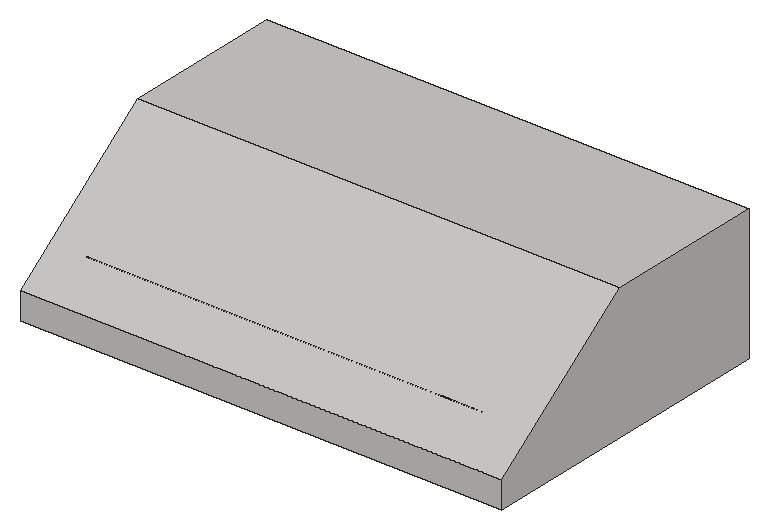
Revit family "P190780JX-154c_JXU9136HP_StainlessSteel_JA_Cooking_Ventilation", category Specialty Equipment, Revit 2022
Family settings
  Round Connector Dimension = Use Diameter
  Part Type = Normal
  Work Plane-Based = No
  Always vertical = Yes
  Cut with Voids When Loaded = No
  Maintain Annotation Orientation = No
  Shared = No
  Room Calculation Point = No
Parameters (values of type "JXU9136HP")
  Width = 36"
  Voltage = 0 V
  URL = ""
  Model = "JXU9136HP"
  Manufacturer = "Jenn Air"
  Knob Material = ARCAT - Metal - Steel - Black
  Installation-Fabrication = ""
  Height = 10"
  Feature 3 = "Radiant Until Ready\nRadiant jusqu’à ce qu’il soit prêt"
  Feature 2 = "3 1/4\" x 10\" Rectangular Exterior Venting\nConduit d’évacuation rectangulaire extérieur 3 1⁄4 x 10 po"
  Feature 1 = "Velocity Blower\nVentilateur à grande vitesse"
  Family Name = "COMMERCIAL & LINER HOODS - 36\""
  Energy Guide = ""
  Drawn By = ""
  Vent Material = ARCAT - Metal - Steel - Gray
  Dimension Guide = ""
  Description = "Pro-Style® 36\" Professional Low Profile Under Cabinet Hood\nHotte de ventilation à profil bas sous le placard, 36 po"
  Depth = 23"
  Default Elevation = 0"
  Copyright = ""
  Body Material = ARCAT - Metal - Steel - Stainless
  Amps = 0 A
  Accent Material = ARCAT - Metal - Steel - Gray
Reference planes (in)
  plane 1 "Center (Front/Back)": y = 0
  plane 2: z = 0
  plane 3 "Center (Left/Right)": x = 0
  plane 4: y = -23
  plane 5: z = 10
  plane 6: x = 18
  plane 7: x = -18
Forms (in)
  Extrusion 1, solid, material "ARCAT - Metal - Steel - Stainless" <- "Body Material"
    sketch origin (18, 60, 48) x (0, 1, 0) y (0, 0, 1)
      loop
        line (-60, -48) -> (-60, -38) -> (-72, -38) -> (-83, -46) -> (-83, -48) -> (-60, -48)
    from 0 to -36
  Extrusion 2, void
    sketch origin (18, 60, 48) x (0, -1, 0) y (0, 0, 1)
      loop
        line (82, -48) -> (82, -46.50922) -> (79.37907, -44.60309) -> (60.0625, -44.60309) -> (60.0625, -47.96875) -> (61, -47.96875) -> (61, -48) -> (82, -48)
    from 2 to 34
  Extrusion 3, solid, material "ARCAT - Metal - Steel - Stainless" <- "Body Material"
    sketch origin (16, 60, 48) x (0, -1, 0) y (0, 0, 1)
      loop
        line (81.50902, -47.98438) -> (82, -47.98438) -> (82, -46.50922) -> (79.37907, -44.60309) -> (73.65538, -44.60309) -> (73.65538, -47.98438) -> (74.72678, -47.98438) -> (79.33484, -44.63642) -> (81.50902, -47.98438)
    from 0 to 32
  Extrusion 4, void
    sketch origin (18.1875, -19.33484, 3.36358) x (0, -0.809017, 0.587785) y (1, 0, 0)
      loop
        circle (-2.5642, -4.60972) r 1.12402
    from 0 to 0.25
  Extrusion 5, solid, material "ARCAT - Metal - Steel - Black" <- "Knob Material"
    sketch origin (18.1875, -19.18789, 3.56583) x (0, 0.809017, -0.587785) y (1, 0, 0)
      loop
        circle (2.5642, -4.60972) r 1
    from 0 to 0.875
  Extrusion 6, void
    sketch origin (14.6875, -19.33484, 3.36358) x (0, -0.809017, 0.587785) y (1, 0, 0)
      loop
        circle (-2.5642, -4.60972) r 1.12402
    from 0 to 0.25
  Extrusion 7, solid, material "ARCAT - Metal - Steel - Black" <- "Knob Material"
    sketch origin (14.6875, -19.18789, 3.56583) x (0, 0.809017, -0.587785) y (1, 0, 0)
      loop
        circle (2.5642, -4.60972) r 1
    from 0 to 0.875
  Revolve 8, solid, material "ARCAT - Metal - Steel - Gray" <- "Accent Material"
    sketch origin (6.75, 60, 48) x (0, 1, 0) y (0, 0, 1)
      loop
        line (-81.3067, -47.67314) -> (-81.21605, -47.73198)
        arc (-81.21605, -47.73198) -> (-81.19216, -47.73965) -> (-81.16767, -47.73417) r 0.04786
        arc (-81.16767, -47.73417) -> (-80.9038, -47.57083) -> (-80.66492, -47.37273) r 2.24972
        arc (-80.66492, -47.37273) -> (-80.64235, -47.37737) -> (-80.62186, -47.36686) r 0.0347
        arc (-80.62186, -47.36686) -> (-80.29865, -46.98598) -> (-80.01918, -46.57195) r 4.54624
        line (-80.01918, -46.57195) -> (-80.42207, -46.31031) -> (-81.3067, -47.67314)
      axis (-80.42207, -46.31031) -> (-80.01918, -46.57195)
    angle from 0 to 360
  Revolve 9, solid, material "ARCAT - Metal - Steel - Gray" <- "Accent Material"
    sketch origin (-8.375, 60, 48) x (0, 1, 0) y (0, 0, 1)
      loop
        line (-81.3067, -47.67314) -> (-81.21605, -47.73198)
        arc (-81.21605, -47.73198) -> (-81.19216, -47.73965) -> (-81.16767, -47.73417) r 0.04786
        arc (-81.16767, -47.73417) -> (-80.9038, -47.57083) -> (-80.66492, -47.37273) r 2.24972
        arc (-80.66492, -47.37273) -> (-80.64235, -47.37737) -> (-80.62186, -47.36686) r 0.0347
        arc (-80.62186, -47.36686) -> (-80.29865, -46.98598) -> (-80.01918, -46.57195) r 4.54624
        line (-80.01918, -46.57195) -> (-80.42207, -46.31031) -> (-81.3067, -47.67314)
      axis (-80.42207, -46.31031) -> (-80.01918, -46.57195)
    angle from 0 to 360
  Extrusion 10, solid, material "ARCAT - Metal - Steel - Black" <- "Knob Material"
    sketch origin (18.1875, -19.7022, 2.85794) x (0, 0.809017, -0.587785) y (1, 0, 0)
      loop
        circle (2.5642, -4.60972) r 1
    from 0 to 0.125
  Extrusion 11, solid, material "ARCAT - Metal - Steel - Black" <- "Knob Material"
    sketch origin (14.6875, -19.7022, 2.85794) x (0, 0.809017, -0.587785) y (1, 0, 0)
      loop
        circle (2.5642, -4.60972) r 1
    from 0 to 0.125
  Extrusion 12, solid, material "ARCAT - Metal - Steel - Gray" <- "Vent Material"
    sketch origin (19.29055, -1.90559, 0.03125) x (0, -1, 0) y (1, 0, 0)
      loop
        line (-0.84309, -3.29055) -> (-1.84309, -3.29055) -> (-1.84309, -35.29055) -> (-0.84309, -35.29055) -> (-0.84309, -3.29055)
      loop
        line (11.74979, -3.29055) -> (10.74979, -3.29055) -> (10.74979, -35.29055) -> (11.74979, -35.29055) -> (11.74979, -3.29055)
    from 0 to 0.5
  Extrusion 13, solid, material "ARCAT - Metal - Steel - Gray" <- "Vent Material"
    sketch origin (18, -0.0625, 0.0625) x (0, -1, 0) y (1, 0, 0)
      loop
        line (1, -34) -> (12.59288, -34) -> (12.59288, -33.25) -> (1, -33.25) -> (1, -34)
    from 0 to 0.25
  Extrusion 14, solid, material "ARCAT - Metal - Steel - Gray" <- "Vent Material"
    sketch origin (26.75, -0.0625, 0.0625) x (1, 0, 0) y (0, -1, 0)
      loop
        line (-26.76562, 1) -> (-26.76562, 12.59288) -> (-27.51562, 12.59288) -> (-27.51562, 1) -> (-26.76562, 1)
    from 0 to -0.25
  Extrusion 15, solid, material "ARCAT - Metal - Steel - Gray" <- "Vent Material"
    sketch origin (17, -0.0625, 0.0625) x (0, 1, 0) y (1, 0, 0)
      loop
        line (-1, -31.75) -> (-1, -30.5) -> (-12.59288, -30.5) -> (-12.59288, -31.75) -> (-1, -31.75)
    from 0 to -0.25
  Extrusion 16, solid, material "ARCAT - Metal - Steel - Gray" <- "Vent Material"
    sketch origin (-18, -0.0625, 0.0625) x (0, -1, 0) y (1, 0, 0)
      loop
        line (1, 34) -> (1, 33.25) -> (12.59288, 33.25) -> (12.59288, 34) -> (1, 34)
    from 0 to 0.25
  Extrusion 17, solid, material "ARCAT - Metal - Steel - Gray" <- "Vent Material"
    sketch origin (-26.75, -0.0625, 0.0625) x (1, 0, 0) y (0, -1, 0)
      loop
        line (26.76562, 1) -> (27.51562, 1) -> (27.51562, 12.59288) -> (26.76562, 12.59288) -> (26.76562, 1)
    from 0 to -0.25
  Extrusion 18, solid, material "ARCAT - Metal - Steel - Gray" <- "Vent Material"
    sketch origin (29.23438, -0.0625, 0.0625) x (0, 1, 0) y (1, 0, 0)
      loop
        line (-1, -31.75) -> (-1, -30.5) -> (-12.59288, -30.5) -> (-12.59288, -31.75) -> (-1, -31.75)
    from 0 to -0.25
  Extrusion 19, solid, material "ARCAT - Metal - Steel - Gray" <- "Vent Material"
    sketch origin (18.74777, -0.0625, 0.0625) x (0, 1, 0) y (1, 0, 0)
      loop
        line (-1, -31.75) -> (-1, -30.5) -> (-12.59288, -30.5) -> (-12.59288, -31.75) -> (-1, -31.75)
    from 0 to -0.25
  Extrusion 20, solid, material "ARCAT - Metal - Steel - Gray" <- "Vent Material"
    sketch origin (20.49554, -0.0625, 0.0625) x (0, 1, 0) y (1, 0, 0)
      loop
        line (-1, -31.75) -> (-1, -30.5) -> (-12.59288, -30.5) -> (-12.59288, -31.75) -> (-1, -31.75)
    from 0 to -0.25
  Extrusion 21, solid, material "ARCAT - Metal - Steel - Gray" <- "Vent Material"
    sketch origin (22.2433, -0.0625, 0.0625) x (0, 1, 0) y (1, 0, 0)
      loop
        line (-1, -31.75) -> (-1, -30.5) -> (-12.59288, -30.5) -> (-12.59288, -31.75) -> (-1, -31.75)
    from 0 to -0.25
  Extrusion 22, solid, material "ARCAT - Metal - Steel - Gray" <- "Vent Material"
    sketch origin (23.99107, -0.0625, 0.0625) x (0, 1, 0) y (1, 0, 0)
      loop
        line (-1, -31.75) -> (-1, -30.5) -> (-12.59288, -30.5) -> (-12.59288, -31.75) -> (-1, -31.75)
    from 0 to -0.25
  Extrusion 23, solid, material "ARCAT - Metal - Steel - Gray" <- "Vent Material"
    sketch origin (25.73884, -0.0625, 0.0625) x (0, 1, 0) y (1, 0, 0)
      loop
        line (-1, -31.75) -> (-1, -30.5) -> (-12.59288, -30.5) -> (-12.59288, -31.75) -> (-1, -31.75)
    from 0 to -0.25
  Extrusion 24, solid, material "ARCAT - Metal - Steel - Gray" <- "Vent Material"
    sketch origin (27.48661, -0.0625, 0.0625) x (0, 1, 0) y (1, 0, 0)
      loop
        line (-1, -31.75) -> (-1, -30.5) -> (-12.59288, -30.5) -> (-12.59288, -31.75) -> (-1, -31.75)
    from 0 to -0.25
  Extrusion 25, solid, material "ARCAT - Metal - Steel - Gray" <- "Vent Material"
    sketch origin (33.01563, -0.0625, 0.0625) x (0, 1, 0) y (1, 0, 0)
      loop
        line (-1, -31.75) -> (-1, -30.5) -> (-12.59288, -30.5) -> (-12.59288, -31.75) -> (-1, -31.75)
    from 0 to -0.25
  Extrusion 26, solid, material "ARCAT - Metal - Steel - Gray" <- "Vent Material"
    sketch origin (45.25, -0.0625, 0.0625) x (0, 1, 0) y (1, 0, 0)
      loop
        line (-1, -31.75) -> (-1, -30.5) -> (-12.59288, -30.5) -> (-12.59288, -31.75) -> (-1, -31.75)
    from 0 to -0.25
  Extrusion 27, solid, material "ARCAT - Metal - Steel - Gray" <- "Vent Material"
    sketch origin (34.76339, -0.0625, 0.0625) x (0, 1, 0) y (1, 0, 0)
      loop
        line (-1, -31.75) -> (-1, -30.5) -> (-12.59288, -30.5) -> (-12.59288, -31.75) -> (-1, -31.75)
    from 0 to -0.25
  Extrusion 28, solid, material "ARCAT - Metal - Steel - Gray" <- "Vent Material"
    sketch origin (36.51116, -0.0625, 0.0625) x (0, 1, 0) y (1, 0, 0)
      loop
        line (-1, -31.75) -> (-1, -30.5) -> (-12.59288, -30.5) -> (-12.59288, -31.75) -> (-1, -31.75)
    from 0 to -0.25
  Extrusion 29, solid, material "ARCAT - Metal - Steel - Gray" <- "Vent Material"
    sketch origin (38.25893, -0.0625, 0.0625) x (0, 1, 0) y (1, 0, 0)
      loop
        line (-1, -31.75) -> (-1, -30.5) -> (-12.59288, -30.5) -> (-12.59288, -31.75) -> (-1, -31.75)
    from 0 to -0.25
  Extrusion 30, solid, material "ARCAT - Metal - Steel - Gray" <- "Vent Material"
    sketch origin (40.0067, -0.0625, 0.0625) x (0, 1, 0) y (1, 0, 0)
      loop
        line (-1, -31.75) -> (-1, -30.5) -> (-12.59288, -30.5) -> (-12.59288, -31.75) -> (-1, -31.75)
    from 0 to -0.25
  Extrusion 31, solid, material "ARCAT - Metal - Steel - Gray" <- "Vent Material"
    sketch origin (41.75446, -0.0625, 0.0625) x (0, 1, 0) y (1, 0, 0)
      loop
        line (-1, -31.75) -> (-1, -30.5) -> (-12.59288, -30.5) -> (-12.59288, -31.75) -> (-1, -31.75)
    from 0 to -0.25
  Extrusion 32, solid, material "ARCAT - Metal - Steel - Gray" <- "Vent Material"
    sketch origin (43.50223, -0.0625, 0.0625) x (0, 1, 0) y (1, 0, 0)
      loop
        line (-1, -31.75) -> (-1, -30.5) -> (-12.59288, -30.5) -> (-12.59288, -31.75) -> (-1, -31.75)
    from 0 to -0.25
  Revolve 33, solid, material "ARCAT - Metal - Steel - Gray" <- "Vent Material"
    sketch origin (-0.25, -9.44685, 0.03125) x (0, 0, -1) y (1, 0, 0)
      loop
        arc (-0.03125, 7.30489) -> (0.08574, 7.33856) -> (0.20522, 7.31517) r 0.25952
        line (0.20522, 7.31517) -> (0.24768, 7.31517)
        arc (0.24768, 7.31517) -> (0.36945, 7.34549) -> (0.49229, 7.31985) r 0.2813
        arc (0.49229, 7.31985) -> (0.50195, 7.36268) -> (0.50742, 7.40625) r 0.45272
        line (0.50742, 7.40625) -> (-0.03125, 7.40625) -> (-0.03125, 7.30489)
      axis (-0.03125, 7.40625) -> (0.50742, 7.40625)
    angle from 0 to 360
  Revolve 34, solid, material "ARCAT - Metal - Steel - Gray" <- "Vent Material"
    sketch origin (-13.25, -9.44685, 0.03125) x (0, 0, -1) y (1, 0, 0)
      loop
        arc (-0.03125, 4.30489) -> (0.08574, 4.33856) -> (0.20522, 4.31517) r 0.25952
        line (0.20522, 4.31517) -> (0.24768, 4.31517)
        arc (0.24768, 4.31517) -> (0.36945, 4.34549) -> (0.49229, 4.31985) r 0.2813
        arc (0.49229, 4.31985) -> (0.50195, 4.36268) -> (0.50742, 4.40625) r 0.45272
        line (0.50742, 4.40625) -> (-0.03125, 4.40625) -> (-0.03125, 4.30489)
      axis (-0.03125, 4.40625) -> (0.50742, 4.40625)
    angle from 0 to 360
  Revolve 35, solid, material "ARCAT - Metal - Steel - Gray" <- "Vent Material"
    sketch origin (1.4375, -3.88305, 0.03125) x (0, 0, -1) y (1, 0, 0)
      loop
        arc (-0.03125, 7.30489) -> (0.08574, 7.33856) -> (0.20522, 7.31517) r 0.25952
        line (0.20522, 7.31517) -> (0.24768, 7.31517)
        arc (0.24768, 7.31517) -> (0.36945, 7.34549) -> (0.49229, 7.31985) r 0.2813
        arc (0.49229, 7.31985) -> (0.50195, 7.36268) -> (0.50742, 7.40625) r 0.45272
        line (0.50742, 7.40625) -> (-0.03125, 7.40625) -> (-0.03125, 7.30489)
      axis (-0.03125, 7.40625) -> (0.50742, 7.40625)
    angle from 0 to 360
  Revolve 36, solid, material "ARCAT - Metal - Steel - Gray" <- "Vent Material"
    sketch origin (-14.5625, -3.88305, 0.03125) x (0, 0, -1) y (1, 0, 0)
      loop
        arc (-0.03125, 7.30489) -> (0.08574, 7.33856) -> (0.20522, 7.31517) r 0.25952
        line (0.20522, 7.31517) -> (0.24768, 7.31517)
        arc (0.24768, 7.31517) -> (0.36945, 7.34549) -> (0.49229, 7.31985) r 0.2813
        arc (0.49229, 7.31985) -> (0.50195, 7.36268) -> (0.50742, 7.40625) r 0.45272
        line (0.50742, 7.40625) -> (-0.03125, 7.40625) -> (-0.03125, 7.30489)
      axis (-0.03125, 7.40625) -> (0.50742, 7.40625)
    angle from 0 to 360
  Extrusion 37, solid, material "ARCAT - Metal - Steel - Stainless" <- "Body Material"
    sketch origin (18, 0, 0) x (0, 0, 1) y (1, 0, 0)
      loop
        circle (2.45706, -17.9992) r 0.25
    from 0 to 0.03125
Cuts and joins
  Extrusion 2, Extrusion 4 cuts Extrusion 1
  Extrusion 4, Extrusion 6 cuts Extrusion 3
  Extrusion 6 cuts Extrusion 5
Lines and regions (in)
  symbolic lines, style "SpecialityEquipment"
    curve 1: line (-18, 0, 14.29687) -> (-18, -23, 14.29687)
    curve 2: line (-18, -23, 14.29687) -> (18, -23, 14.29687)
    curve 3: line (18, 0, 14.29687) -> (-18, 0, 14.29687)
    curve 4: line (18, 0, 14.29687) -> (18, -23, 14.29687)
    curve 5: line (-18, -12, 14.29687) -> (18, -12, 14.29687)
Dimensions and locks (in)
  "Height": plane 5 to level
  "Depth": plane 1 "Center (Front/Back)" to plane 4
  equal spacing: plane 7, plane 3 "Center (Left/Right)", plane 6
  "Width": plane 7 to plane 6
  aligned and locked: plane 2 to level
  aligned and locked: plane 6 to Extrusion 1
  aligned and locked: plane 7 to Extrusion 1
  aligned and locked: Extrusion 2 to cut or joined group of Extrusion 3, Extrusion 4, Extrusion 6  (x2)
Automatic sketch dimensions
  plane 1 "Center (Front/Back)" to curve 1 = 0"
  curve 5 to plane 7 = 0"
  curve 5 to plane 6 = 0"
  curve 4 to plane 4 = 0"
  plane 4 to curve 5 = 11"
  Extrusion 1 sketch curve to level = 0"
  Extrusion 1 sketch curve to plane 4 = 0"
  Extrusion 1 sketch curve to plane 5 = 0"
  Extrusion 1 sketch curve to plane 1 "Center (Front/Back)" = 0"
  plane 4 to Extrusion 1 sketch curve = 11"
  Extrusion 1 sketch curve to Extrusion 1 sketch curve = 2"
  Extrusion 2 sketch curve to level = 0"
  plane 1 "Center (Front/Back)" to Extrusion 2 sketch curve = 1/16"
  level to Extrusion 2 sketch curve = 1/32"
  Extrusion 2 sketch curve to Extrusion 2 sketch curve = 15/16"
  plane 4 to Extrusion 2 sketch curve = 3.62093"
  plane 4 to Extrusion 2 sketch curve = 1"
  level to Extrusion 2 sketch curve = 1.49078"
  Extrusion 2 sketch curve to Extrusion 2 sketch curve = 1.90613"
  Extrusion 3 sketch curve to Extrusion 2 = 0"  (x4)
  Extrusion 3 sketch curve to Extrusion 2 = 0.03333"
  Extrusion 3 sketch curve to Extrusion 3 sketch curve = 0.04423"
  Extrusion 2 to Extrusion 3 sketch curve = 1/64"  (x2)
  Extrusion 3 sketch curve to Extrusion 3 sketch curve = 4.60806"
  Extrusion 3 sketch curve to Extrusion 3 sketch curve = 1.07139"
  Extrusion 3 sketch curve to Extrusion 3 sketch curve = 0.49098"
  Extrusion 4 sketch curve to Extrusion 3 = 2.5642"
  Extrusion 4 sketch curve to Extrusion 3 = 2.42222"
  Extrusion 6 sketch curve to Extrusion 3 = 2.5642"
  Extrusion 6 sketch curve to Extrusion 3 = 5.92222"
  Revolve 8 sketch curve to plane 4 = 0.92139"
  plane 4 to Revolve 8 sketch curve = 0.78297"
  level to Revolve 8 sketch curve = 0.32686"
  plane 4 to Revolve 8 sketch curve = 1.6933"
  level to Revolve 8 sketch curve = 0.26802"
  Revolve 8 sketch curve to Revolve 8 sketch curve = 0.09065"
  Revolve 8 sketch curve to Revolve 8 sketch curve = 0.02606"
  Revolve 8 sketch curve to Revolve 8 sketch curve = 139/256"
  level to Revolve 8 sketch curve = 1.68969"
  level to Revolve 8 sketch curve = 1.42805"
  Revolve 8 sketch curve to Revolve 8 sketch curve = 0.40289"
  Revolve 8 sketch curve to Revolve 8 sketch curve = 0.04014"
  Revolve 8 sketch curve to Revolve 8 sketch curve = 0.34885"
  Revolve 8 sketch curve to Revolve 8 sketch curve = 0.56614"
  Revolve 8 sketch curve to Revolve 8 sketch curve = 1.50483"
  Revolve 8 sketch curve to Revolve 8 sketch curve = 0"
  Revolve 8 sketch curve to Revolve 8 sketch curve = 0.01788"
  Revolve 8 sketch curve to Revolve 8 sketch curve = 0.00014"
  level to Revolve 8 sketch curve = 1.23116"
  Revolve 8 sketch curve to Revolve 8 sketch curve = 0.30319"
  Revolve 8 sketch curve to Revolve 8 sketch curve = 0.00009"
  Revolve 9 sketch curve to plane 4 = 0.92139"
  plane 4 to Revolve 9 sketch curve = 0.78297"
  level to Revolve 9 sketch curve = 0.32686"
  plane 4 to Revolve 9 sketch curve = 1.6933"
  level to Revolve 9 sketch curve = 0.26802"
  Revolve 9 sketch curve to Revolve 9 sketch curve = 0.09065"
  Revolve 9 sketch curve to Revolve 9 sketch curve = 0.02606"
  Revolve 9 sketch curve to Revolve 9 sketch curve = 139/256"
  level to Revolve 9 sketch curve = 1.68969"
  level to Revolve 9 sketch curve = 1.42805"
  Revolve 9 sketch curve to Revolve 9 sketch curve = 0.40289"
  Revolve 9 sketch curve to Revolve 9 sketch curve = 0.04014"
  Revolve 9 sketch curve to Revolve 9 sketch curve = 0.34885"
  Revolve 9 sketch curve to Revolve 9 sketch curve = 0.56614"
  Revolve 9 sketch curve to Revolve 9 sketch curve = 1.50483"
  Revolve 9 sketch curve to Revolve 9 sketch curve = 0"
  Revolve 9 sketch curve to Revolve 9 sketch curve = 0.01788"
  Revolve 9 sketch curve to Revolve 9 sketch curve = 0.00014"
  level to Revolve 9 sketch curve = 1.23116"
  Revolve 9 sketch curve to Revolve 9 sketch curve = 0.30319"
  Revolve 9 sketch curve to Revolve 9 sketch curve = 0.00009"
  Extrusion 10 sketch curve to plane 6 = 4.42222"
  Extrusion 11 sketch curve to plane 6 = 7.92222"
  Extrusion 12 sketch curve to Extrusion 2 = 0"  (x4)
  Extrusion 2 to Extrusion 12 sketch curve = 0"
  Extrusion 12 sketch curve to Extrusion 2 = 1/16"
  Extrusion 12 sketch curve to Extrusion 12 sketch curve = 11.59288"
  Extrusion 12 sketch curve to Extrusion 12 sketch curve = 1"
  plane 1 "Center (Front/Back)" to Extrusion 13 sketch curve = 1 1/16"
  Extrusion 13 sketch curve to plane 7 = 2"
  plane 4 to Extrusion 13 sketch curve = 10.34462"
  Extrusion 13 sketch curve to Extrusion 13 sketch curve = 3/4"
  Extrusion 13 to Extrusion 14 sketch curve = 0"  (x2)
  Extrusion 14 sketch curve to Extrusion 13 = 14 31/64"
  Extrusion 14 sketch curve to Extrusion 14 sketch curve = 3/4"
  Extrusion 15 sketch curve to plane 7 = 3 1/4"
  plane 4 to Extrusion 15 sketch curve = 10.34462"
  plane 1 "Center (Front/Back)" to Extrusion 15 sketch curve = 1 1/16"
  Extrusion 15 sketch curve to Extrusion 15 sketch curve = 1 1/4"
  plane 1 "Center (Front/Back)" to Extrusion 16 sketch curve = 1 1/16"
  Extrusion 16 sketch curve to plane 6 = 2"
  plane 4 to Extrusion 16 sketch curve = 10.34462"
  Extrusion 16 sketch curve to Extrusion 16 sketch curve = 3/4"
  Extrusion 13 to Extrusion 17 sketch curve = 0"  (x2)
  Extrusion 17 sketch curve to Extrusion 13 = 15 17/64"
  Extrusion 17 sketch curve to Extrusion 17 sketch curve = 3/4"
  plane 4 to Extrusion 18 sketch curve = 10.34462"
  plane 1 "Center (Front/Back)" to Extrusion 18 sketch curve = 1 1/16"
  Extrusion 19 sketch curve to plane 7 = 4.99777"
  plane 4 to Extrusion 19 sketch curve = 10.34462"
  plane 1 "Center (Front/Back)" to Extrusion 19 sketch curve = 1 1/16"
  Extrusion 19 sketch curve to Extrusion 19 sketch curve = 1 1/4"
  plane 4 to Extrusion 20 sketch curve = 10.34462"
  plane 1 "Center (Front/Back)" to Extrusion 20 sketch curve = 1 1/16"
  Extrusion 20 sketch curve to plane 7 = 7.99554"
  Extrusion 20 sketch curve to Extrusion 20 sketch curve = 1 1/4"
  plane 4 to Extrusion 21 sketch curve = 10.34462"
  plane 1 "Center (Front/Back)" to Extrusion 21 sketch curve = 1 1/16"
  Extrusion 21 sketch curve to Extrusion 21 sketch curve = 1 1/4"
  plane 4 to Extrusion 22 sketch curve = 10.34462"
  plane 1 "Center (Front/Back)" to Extrusion 22 sketch curve = 1 1/16"
  Extrusion 22 sketch curve to Extrusion 22 sketch curve = 1 1/4"
  plane 4 to Extrusion 23 sketch curve = 10.34462"
  plane 1 "Center (Front/Back)" to Extrusion 23 sketch curve = 1 1/16"
  Extrusion 23 sketch curve to Extrusion 23 sketch curve = 1 1/4"
  plane 4 to Extrusion 24 sketch curve = 10.34462"
  plane 1 "Center (Front/Back)" to Extrusion 24 sketch curve = 1 1/16"
  Extrusion 24 sketch curve to Extrusion 24 sketch curve = 1 1/4"
  plane 3 "Center (Left/Right)" to Extrusion 25 sketch curve = 1 17/64"
  plane 4 to Extrusion 25 sketch curve = 10.34462"
  plane 1 "Center (Front/Back)" to Extrusion 25 sketch curve = 1 1/16"
  Extrusion 25 sketch curve to Extrusion 25 sketch curve = 1 1/4"
  Extrusion 26 sketch curve to plane 6 = 4 1/2"
  plane 4 to Extrusion 26 sketch curve = 10.34462"
  plane 1 "Center (Front/Back)" to Extrusion 26 sketch curve = 1 1/16"
  Extrusion 26 sketch curve to Extrusion 26 sketch curve = 1 1/4"
  plane 3 "Center (Left/Right)" to Extrusion 27 sketch curve = 3.01339"
  plane 4 to Extrusion 27 sketch curve = 10.34462"
  plane 1 "Center (Front/Back)" to Extrusion 27 sketch curve = 1 1/16"
  Extrusion 27 sketch curve to Extrusion 27 sketch curve = 1 1/4"
  plane 3 "Center (Left/Right)" to Extrusion 28 sketch curve = 4.76116"
  plane 4 to Extrusion 28 sketch curve = 10.34462"
  plane 1 "Center (Front/Back)" to Extrusion 28 sketch curve = 1 1/16"
  Extrusion 28 sketch curve to Extrusion 28 sketch curve = 1 1/4"
  plane 4 to Extrusion 29 sketch curve = 10.34462"
  plane 1 "Center (Front/Back)" to Extrusion 29 sketch curve = 1 1/16"
  plane 3 "Center (Left/Right)" to Extrusion 29 sketch curve = 7.75893"
  Extrusion 29 sketch curve to Extrusion 29 sketch curve = 1 1/4"
  plane 4 to Extrusion 30 sketch curve = 10.34462"
  plane 1 "Center (Front/Back)" to Extrusion 30 sketch curve = 1 1/16"
  Extrusion 30 sketch curve to plane 6 = 8.4933"
  Extrusion 30 sketch curve to Extrusion 30 sketch curve = 1 1/4"
  plane 4 to Extrusion 31 sketch curve = 10.34462"
  plane 1 "Center (Front/Back)" to Extrusion 31 sketch curve = 1 1/16"
  Extrusion 31 sketch curve to plane 6 = 6.74554"
  Extrusion 31 sketch curve to Extrusion 31 sketch curve = 1 1/4"
  plane 4 to Extrusion 32 sketch curve = 10.34462"
  plane 1 "Center (Front/Back)" to Extrusion 32 sketch curve = 1 1/16"
  Extrusion 32 sketch curve to plane 6 = 4.99777"
  Extrusion 32 sketch curve to Extrusion 32 sketch curve = 1 1/4"
  level to Revolve 33 sketch curve = 1/16"
  Revolve 33 sketch curve to level = 0.02477"
  Revolve 33 sketch curve to level = 0.06576"
  Revolve 33 sketch curve to level = 0.17397"
  Revolve 33 sketch curve to Revolve 33 sketch curve = 0.04246"
  Revolve 33 sketch curve to Revolve 33 sketch curve = 0.27782"
  Revolve 33 sketch curve to Revolve 33 sketch curve = 0.25974"
  plane 3 "Center (Left/Right)" to Revolve 33 sketch curve = 6.81424"
  Revolve 33 sketch curve to Revolve 33 sketch curve = 0.01504"
  Revolve 33 sketch curve to Revolve 33 sketch curve = 0.22561"
  Revolve 33 sketch curve to Revolve 33 sketch curve = 0.10136"
  Revolve 33 sketch curve to Revolve 33 sketch curve = 0.03454"
  Revolve 33 sketch curve to Revolve 33 sketch curve = 1/32"
  Revolve 33 sketch curve to Revolve 33 sketch curve = 0.00742"
  Revolve 33 sketch curve to Revolve 33 sketch curve = 0"
  level to Revolve 34 sketch curve = 1/16"
  Revolve 34 sketch curve to level = 0.02477"
  Revolve 34 sketch curve to level = 0.06576"
  Revolve 34 sketch curve to level = 0.17397"
  Revolve 34 sketch curve to Revolve 34 sketch curve = 0.04246"
  Revolve 34 sketch curve to Revolve 34 sketch curve = 0.27782"
  Revolve 34 sketch curve to Revolve 34 sketch curve = 0.25974"
  Revolve 34 sketch curve to Revolve 34 sketch curve = 0.01504"
  Revolve 34 sketch curve to Revolve 34 sketch curve = 0.22561"
  Revolve 34 sketch curve to Revolve 34 sketch curve = 0.10136"
  Revolve 34 sketch curve to Revolve 34 sketch curve = 0.03454"
  level to Revolve 34 sketch curve = 1/32"
  Revolve 34 sketch curve to Revolve 34 sketch curve = 0.00742"
  Revolve 34 sketch curve to Revolve 34 sketch curve = 0"
  level to Revolve 35 sketch curve = 1/16"
  Revolve 35 sketch curve to level = 0.02477"
  Revolve 35 sketch curve to level = 0.06576"
  Revolve 35 sketch curve to level = 0.17397"
  Revolve 35 sketch curve to Revolve 35 sketch curve = 0.04246"
  Revolve 35 sketch curve to Revolve 35 sketch curve = 0.27782"
  Revolve 35 sketch curve to Revolve 35 sketch curve = 0.25974"
  plane 3 "Center (Left/Right)" to Revolve 35 sketch curve = 8.50174"
  Revolve 35 sketch curve to Revolve 35 sketch curve = 0.01504"
  Revolve 35 sketch curve to Revolve 35 sketch curve = 0.22561"
  Revolve 35 sketch curve to Revolve 35 sketch curve = 0.10136"
  Revolve 35 sketch curve to Revolve 35 sketch curve = 0.03454"
  level to Revolve 35 sketch curve = 1/32"
  Revolve 35 sketch curve to Revolve 35 sketch curve = 0.00742"
  Revolve 35 sketch curve to Revolve 35 sketch curve = 0"
  level to Revolve 36 sketch curve = 1/16"
  Revolve 36 sketch curve to level = 0.02477"
  Revolve 36 sketch curve to level = 0.06576"
  Revolve 36 sketch curve to level = 0.17397"
  Revolve 36 sketch curve to Revolve 36 sketch curve = 0.04246"
  Revolve 36 sketch curve to Revolve 36 sketch curve = 0.27782"
  Revolve 36 sketch curve to Revolve 36 sketch curve = 0.25974"
  Revolve 36 sketch curve to Revolve 36 sketch curve = 0.01504"
  Revolve 36 sketch curve to Revolve 36 sketch curve = 0.22561"
  Revolve 36 sketch curve to Revolve 36 sketch curve = 0.10136"
  Revolve 36 sketch curve to Revolve 36 sketch curve = 0.03454"
  level to Revolve 36 sketch curve = 1/32"
  Revolve 36 sketch curve to Revolve 36 sketch curve = 0.00742"
  Revolve 36 sketch curve to Revolve 36 sketch curve = 0"
  Extrusion 1 to Extrusion 37 sketch curve = 2.45706"
  Extrusion 1 to Extrusion 37 sketch curve = 17.9992"
  Extrusion 18 sketch curve to plane 3 "Center (Left/Right)" = 1 17/64"
  Extrusion 18 sketch curve to Extrusion 18 sketch curve = 1 1/4"
  Extrusion 21 sketch curve to plane 3 "Center (Left/Right)" = 8.2567"
  Extrusion 22 sketch curve to plane 3 "Center (Left/Right)" = 6.50893"
  Extrusion 23 sketch curve to plane 3 "Center (Left/Right)" = 4.76116"
  Extrusion 24 sketch curve to plane 3 "Center (Left/Right)" = 3.01339"
  Revolve 34 sketch curve to plane 7 = 8.81424"
  Revolve 36 sketch curve to plane 3 "Center (Left/Right)" = 7.49826"
  radius of Extrusion 4 sketch curve = 1.12402"
  radius of Extrusion 5 sketch curve to Extrusion 4 = 0.12402"
  radius of Extrusion 6 sketch curve = 1.12402"
  radius of Extrusion 7 sketch curve to Extrusion 6 = 0.12402"
  radius of Extrusion 10 sketch curve = 1"
  radius of Extrusion 11 sketch curve = 1"
  radius of Extrusion 37 sketch curve = 1/4"
Nested families (in)
  nested 1: "Family1" at (0, -15.74209, 0.7533) x (1, 0, 0) z (0, -0.5878, -0.809), type "Family1"
Connectors (in)
  electrical at (0.0008, 0.03125, 2.45706), driven by "Voltage"
    settings: on Extrusion 37, index 1, voltage 0 V, apparent load 0 VA, apparent load phase1 0 VA, apparent load phase2 0 VA, apparent load phase3 0 VA, power factor 1, load classification "Other", number of poles 1, system type 30, power factor state 1, is connector primary yes, connector utility no, sub classification motor no, connector description "Electrical Connection"
Definition of nested family "Family1"
  Parameters (values of type "Family1")
    Logo Material = none
    Default Elevation = 48"
  Reference planes (in)
    plane 1 "Center (Front/Back)": y = 0
    plane 2: z = 0
    plane 3 "Center (Left/Right)": x = 0
  Forms (in)
    Extrusion 1, solid
      sketch origin (0, 0, 0) x (1, 0, 0) y (0, 1, 0)
        loop
          line (-48, 48) -> (-48, -48) -> (48, -48) -> (48, 48) -> (-48, 48)
      from 0 to -12
    Blend 2, solid, material <- "Logo Material"
      base sketch origin (-0.08356, -0.0625, 0) x (1, 0, 0) y (0, 1, 0)
        loop
          line (0.02489, 0.57039) -> (-0.22144, 0.32405)
          arc (-0.22144, 0.32405) -> (-0.24304, 0.29174) -> (-0.25062, 0.25362) r 0.09961
          line (-0.25062, 0.25362) -> (-0.25062, 0.14197)
          arc (-0.25062, 0.14197) -> (-0.22734, 0.08578) -> (-0.17115, 0.0625) r 0.07947
          line (-0.17115, 0.0625) -> (0.33826, 0.0625)
          arc (0.33826, 0.0625) -> (0.39669, 0.0867) -> (0.4209, 0.14513) r 0.08263
          line (0.4209, 0.14513) -> (0.4209, 0.62388)
          arc (0.4209, 0.62388) -> (0.41329, 0.66302) -> (0.39157, 0.69647) r 0.1045
          line (0.39157, 0.69647) -> (0.16018, 0.93608)
          arc (0.16018, 0.93608) -> (0.12847, 0.94282) -> (0.11034, 0.91594) r 0.02899
          line (0.11034, 0.91594) -> (0.11034, 0.33378)
          arc (0.11034, 0.33378) -> (0.08904, 0.31248) -> (0.06775, 0.33378) r 0.0213
          line (0.06775, 0.33378) -> (0.06775, 0.55264)
          arc (0.06775, 0.55264) -> (0.05225, 0.57583) -> (0.02489, 0.57039) r 0.0251
      top sketch origin (-0.08356, -0.0625, 0) x (1, 0, 0) y (0, 1, 0)
        loop
          arc (0.12994, 0.32432) -> (0.08649, 0.28087) -> (0.04304, 0.32432) r 0.04345
          line (0.04304, 0.32432) -> (0.04304, 0.45676)
          arc (0.04304, 0.45676) -> (0.02729, 0.48124) -> (-0.00152, 0.47707) r 0.02691
          line (-0.00152, 0.47707) -> (-0.20871, 0.29696)
          arc (-0.20871, 0.29696) -> (-0.22551, 0.27447) -> (-0.23146, 0.24703) r 0.06617
          line (-0.23146, 0.24703) -> (-0.23146, 0.12591)
          arc (-0.23146, 0.12591) -> (-0.21726, 0.09162) -> (-0.18298, 0.07742) r 0.04849
          line (-0.18298, 0.07742) -> (0.33667, 0.07742)
          arc (0.33667, 0.07742) -> (0.37938, 0.09511) -> (0.39707, 0.13782) r 0.0604
          line (0.39707, 0.13782) -> (0.39707, 0.60409)
          arc (0.39707, 0.60409) -> (0.3893, 0.63986) -> (0.3674, 0.66918) r 0.08625
          line (0.3674, 0.66918) -> (0.17024, 0.84058)
          arc (0.17024, 0.84058) -> (0.14418, 0.84435) -> (0.12994, 0.82221) r 0.02433
          line (0.12994, 0.82221) -> (0.12994, 0.32432)
      from 0 to 0.03125
  Dimensions and locks (in)
    aligned and locked: plane 2 to Extrusion 1
    aligned and locked: level to Extrusion 1
